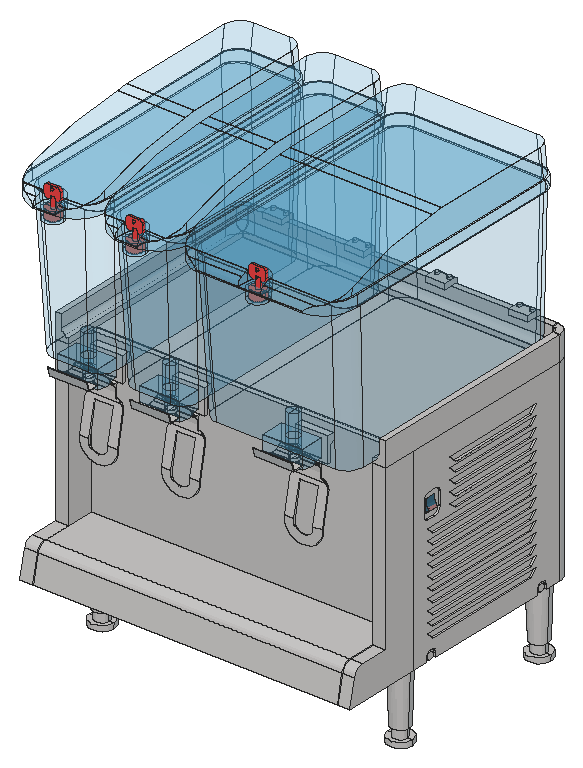
Revit family "QF_ELECTROLUXPROFESSIONAL_600933_ECS3D22", category Specialty Equipment, Revit 2018
Family settings
  Round Connector Dimension = Use Diameter
  Part Type = Normal
  Work Plane-Based = No
  Always vertical = Yes
  Cut with Voids When Loaded = No
  Shared = No
  Room Calculation Point = No
Parameters (values of type "Standard")
  Weight = 32.00 kg
  Watts = 0 W
  Volts = 230 V
  URL Manufacturer = "http://professional.electrolux.com"
  URL = "http://professional.electrolux.com"
  Steam Supply Size = 0 mm
  Steam Supply Minimum Pressure = 0.0 Pa
  Steam Supply Maximum Pressure = 0.0 Pa
  Steam Pounds per Hour = 0
  Refrigeration Suction Line Size = 0 mm
  Refrigeration Liquid Line Size = 0 mm
  Refrigerant Compressor Remote = yes
  Manufacturer = "Electrolux Professional"
  Phase = 1
  Model = "ECS3D22"
  Length Actual = 521.0 mm  # constant formula
  Item Number = "600933"
  Hot Water Size = 0 mm
  Height Actual = 729.0 mm  # constant formula
  HP = "1.3 HP"
  Gas Size = 0 mm
  Gas KW = 0
  Gas Input Pressure = 0 W
  Direct Waste Size = 0 mm
  Description = "COLD BEV DISP. 2x9 LT+1x18 LT-AGITATOR"
  Depth Actual = 451.0 mm  # constant formula
  Cycle = 60 Hz
  Condensate Return Size = 0 mm
  Compressed Air Volume = 0.0 L/s
  Compressed Air Size = 0 mm
  Compressed Air Pressure = 0.0 Pa
  Cold Water Size = 0 mm
  Accessory = yes
Reference planes
  plane 1 "Center (Front/Back)": y = 0
  plane 2 "BASE": z = 0
  plane 3 "Center (Left/Right)": x = 0
  plane 4 "FEET": z = 110
  plane 5 "BACK": y = 212
  plane 6 "LEFT": x = -260
  plane 7 "RIGHT": x = 260
  plane 8 "FeetBack": y = 182
  plane 9 "EI_Front": y = 43
  plane 10 "TopBase": z = 420
  plane 11 "TOP": z = 729
  plane 12 "FRONT": y = -256
  plane 13 "FeetFront": y = -91
  plane 14 "Fillet": y = 192
  plane 15 "EI_Left": x = 234.6
  plane 16 "BaseVasca": z = 420
  plane 17 "Key": y = -238.074
Forms (mm)
  Extrusion 1, solid, material "QF_Finishes_Rubber Black"
    sketch origin (127, -237.264, 237.417) x (-1, 0, 0) y (0, 0, 1)
      loop
        line (-134.813, 85.505) -> (-130.245, 83.471) -> (-130.245, 81.362) -> (-128, 81.362) -> (-128, 101.362) -> (-130.245, 101.362)
        arc (-130.245, 101.362) -> (-131.172, 93.043) -> (-134.813, 85.505) r 24.82
    from 185 to 170
  Extrusion 2, solid, material "QF_Clearances", detail levels coarse
    sketch origin (1888.173, -11.659, 0) x (1, 0, 0) y (0, 1, 0)
      loop
        line (-2148.173, -244.341) -> (-2148.173, 223.659) -> (-1628.173, 223.659) -> (-1628.173, -244.341) -> (-1501.173, -244.341) -> (-1501.173, 373.659) -> (-2275.173, 373.659) -> (-2275.173, -244.341) -> (-2148.173, -244.341)
    from 0 to 729
  Revolve 3, solid, material "QF_Finishes_Stainless Steel"
    sketch origin (127, -91, 0) x (0, 0, 1) y (1, 0, 0)
      loop
        line (0, 127) -> (0, 108) -> (110, 108) -> (110, 125.038) -> (23, 122) -> (23, 119) -> (8, 119) -> (8, 127) -> (0, 127)
      axis (0, 108) -> (110, 108)
    angle from 0 to 360
  Revolve 4, solid, material "QF_Finishes_Stainless Steel"
    sketch origin (-127, -91, 0) x (0, 0, 1) y (1, 0, 0)
      loop
        line (0, -127) -> (8, -127) -> (8, -119) -> (23, -119) -> (23, -122) -> (110, -125.038) -> (110, -108) -> (0, -108) -> (0, -127)
      axis (0, -108) -> (110, -108)
    angle from 0 to 360
  Revolve 5, solid, material "QF_Finishes_Stainless Steel"
    sketch origin (127, 182, 0) x (-1, 0, 0) y (0, 0, 1)
      loop
        line (-127, 0) -> (-108, 0) -> (-108, 110) -> (-125.038, 110) -> (-122, 23) -> (-119, 23) -> (-119, 8) -> (-127, 8) -> (-127, 0)
      axis (-108, 0) -> (-108, 110)
    angle from 0 to 360
  Revolve 6, solid, material "QF_Finishes_Stainless Steel"
    sketch origin (-127, 182, 0) x (-1, 0, 0) y (0, 0, 1)
      loop
        line (127, 0) -> (127, 8) -> (119, 8) -> (119, 23) -> (122, 23) -> (125.038, 110) -> (108, 110) -> (108, 0) -> (127, 0)
      axis (108, 0) -> (108, 110)
    angle from 0 to 360
  Extrusion 7, solid, material "QF_Finishes_Stainless Steel"
    sketch origin (260, 0, 0) x (0, -1, 0) y (0, 0, 1)
      loop
        line (96.764, 110) -> (221, 110) -> (211.598, 151.16)
        arc (211.598, 151.16) -> (205.975, 160.107) -> (196, 163.597) r 16
        line (196, 163.597) -> (151, 163.597) -> (151, 420) -> (96.764, 420) -> (96.764, 110)
    from 20 to 0
  Extrusion 8, solid, material "QF_Finishes_Stainless Steel"
    sketch origin (0, 0, 0) x (0, 1, 0) y (0, 0, 1)
      loop
        line (-96.764, 110) -> (-96.764, 420) -> (-106, 420) -> (-106, 163.597) -> (-196, 163.597)
        arc (-196, 163.597) -> (-205.975, 160.107) -> (-211.598, 151.16) r 16
        line (-211.598, 151.16) -> (-221, 110) -> (-96.764, 110)
    from -240 to 240
  Extrusion 9, solid, material "QF_Finishes_Stainless Steel"
    sketch origin (260, -1000, 0) x (0, -1, 0) y (0, 0, 1)
      loop
        line (-903.236, 110) -> (-903.236, 420) -> (-1192, 420) -> (-1192, 110) -> (-1166, 110) -> (-1166, 115.694)
        arc (-1166, 115.694) -> (-1156, 125.694) -> (-1146, 115.694) r 10
        line (-1146, 115.694) -> (-1146, 110) -> (-948, 110) -> (-948, 115.694)
        arc (-948, 115.694) -> (-938, 125.694) -> (-928, 115.694) r 10
        line (-928, 115.694) -> (-928, 110) -> (-903.236, 110)
      loop
        arc (-923.159, 339.837) -> (-926.088, 346.908) -> (-933.159, 349.837) r 10
        line (-933.159, 349.837) -> (-947.159, 349.837)
        arc (-947.159, 349.837) -> (-954.23, 346.908) -> (-957.159, 339.837) r 10
        line (-957.159, 339.837) -> (-957.159, 319.837)
        arc (-957.159, 319.837) -> (-954.23, 312.766) -> (-947.159, 309.837) r 10
        line (-947.159, 309.837) -> (-933.159, 309.837)
        arc (-933.159, 309.837) -> (-926.088, 312.766) -> (-923.159, 319.837) r 10
        line (-923.159, 319.837) -> (-923.159, 339.837)
      loop
        line (-974.071, 381.364) -> (-1149.071, 381.364) -> (-1137.071, 369.364) -> (-986.071, 369.364) -> (-974.071, 381.364)
      loop
        line (-974.071, 364.864) -> (-1149.071, 364.864) -> (-1137.071, 352.864) -> (-986.071, 352.864) -> (-974.071, 364.864)
      loop
        line (-974.071, 348.364) -> (-1149.071, 348.364) -> (-1137.071, 336.364) -> (-986.071, 336.364) -> (-974.071, 348.364)
      loop
        line (-974.071, 331.864) -> (-1149.071, 331.864) -> (-1137.071, 319.864) -> (-986.071, 319.864) -> (-974.071, 331.864)
      loop
        line (-974.071, 315.364) -> (-1149.071, 315.364) -> (-1137.071, 303.364) -> (-986.071, 303.364) -> (-974.071, 315.364)
      loop
        line (-929.071, 298.864) -> (-1149.071, 298.864) -> (-1137.071, 286.864) -> (-941.071, 286.864) -> (-929.071, 298.864)
      loop
        line (-929.071, 282.364) -> (-1149.071, 282.364) -> (-1137.071, 270.364) -> (-941.071, 270.364) -> (-929.071, 282.364)
      loop
        line (-929.071, 265.864) -> (-1149.071, 265.864) -> (-1137.071, 253.864) -> (-941.071, 253.864) -> (-929.071, 265.864)
      loop
        line (-929.071, 249.364) -> (-1149.071, 249.364) -> (-1137.071, 237.364) -> (-941.071, 237.364) -> (-929.071, 249.364)
      loop
        line (-929.071, 232.864) -> (-1149.071, 232.864) -> (-1137.071, 220.864) -> (-941.071, 220.864) -> (-929.071, 232.864)
      loop
        line (-929.071, 216.364) -> (-1149.071, 216.364) -> (-1137.071, 204.364) -> (-941.071, 204.364) -> (-929.071, 216.364)
      loop
        line (-929.071, 199.864) -> (-1149.071, 199.864) -> (-1137.071, 187.864) -> (-941.071, 187.864) -> (-929.071, 199.864)
      loop
        line (-929.071, 183.364) -> (-1149.071, 183.364) -> (-1137.071, 171.364) -> (-941.071, 171.364) -> (-929.071, 183.364)
      loop
        line (-929.071, 166.864) -> (-1149.071, 166.864) -> (-1137.071, 154.864) -> (-941.071, 154.864) -> (-929.071, 166.864)
      loop
        line (-929.071, 150.364) -> (-1149.071, 150.364) -> (-1137.071, 138.364) -> (-941.071, 138.364) -> (-929.071, 150.364)
    from 5 to 0
  Extrusion 10, solid, material "QF_Finishes_Stainless Steel"
    sketch origin (-260, 0, 0) x (0, 1, 0) y (0, 0, 1)
      loop
        line (-96.764, 110) -> (-96.764, 420) -> (-151, 420) -> (-151, 163.597) -> (-196, 163.597)
        arc (-196, 163.597) -> (-205.975, 160.107) -> (-211.598, 151.16) r 16
        line (-211.598, 151.16) -> (-221, 110) -> (-96.764, 110)
    from 20 to 0
  Extrusion 11, solid, material "QF_Finishes_Stainless Steel"
    sketch origin (-260, 0, 0) x (0, 1, 0) y (0, 0, 1)
      loop
        line (-96.764, 110) -> (-72, 110) -> (-72, 115.694)
        arc (-72, 115.694) -> (-62, 125.694) -> (-52, 115.694) r 10
        line (-52, 115.694) -> (-52, 110) -> (146, 110) -> (146, 115.694)
        arc (146, 115.694) -> (156, 125.694) -> (166, 115.694) r 10
        line (166, 115.694) -> (166, 110) -> (192, 110) -> (192, 420) -> (-96.764, 420) -> (-96.764, 110)
      loop
        line (-70.929, 381.364) -> (-58.929, 369.364) -> (137.071, 369.364) -> (149.071, 381.364) -> (-70.929, 381.364)
      loop
        line (-70.929, 364.864) -> (-58.929, 352.864) -> (137.071, 352.864) -> (149.071, 364.864) -> (-70.929, 364.864)
      loop
        line (-70.929, 348.364) -> (-58.929, 336.364) -> (137.071, 336.364) -> (149.071, 348.364) -> (-70.929, 348.364)
      loop
        line (-70.929, 331.864) -> (-58.929, 319.864) -> (137.071, 319.864) -> (149.071, 331.864) -> (-70.929, 331.864)
      loop
        line (-70.929, 315.364) -> (-58.929, 303.364) -> (137.071, 303.364) -> (149.071, 315.364) -> (-70.929, 315.364)
      loop
        line (-70.929, 298.864) -> (-58.929, 286.864) -> (137.071, 286.864) -> (149.071, 298.864) -> (-70.929, 298.864)
      loop
        line (-70.929, 282.364) -> (-58.929, 270.364) -> (137.071, 270.364) -> (149.071, 282.364) -> (-70.929, 282.364)
      loop
        line (-70.929, 265.864) -> (-58.929, 253.864) -> (137.071, 253.864) -> (149.071, 265.864) -> (-70.929, 265.864)
      loop
        line (-70.929, 249.364) -> (-58.929, 237.364) -> (137.071, 237.364) -> (149.071, 249.364) -> (-70.929, 249.364)
      loop
        line (-70.929, 232.864) -> (-58.929, 220.864) -> (137.071, 220.864) -> (149.071, 232.864) -> (-70.929, 232.864)
      loop
        line (-70.929, 216.364) -> (-58.929, 204.364) -> (137.071, 204.364) -> (149.071, 216.364) -> (-70.929, 216.364)
      loop
        line (-70.929, 199.864) -> (-58.929, 187.864) -> (137.071, 187.864) -> (149.071, 199.864) -> (-70.929, 199.864)
      loop
        line (-70.929, 183.364) -> (-58.929, 171.364) -> (137.071, 171.364) -> (149.071, 183.364) -> (-70.929, 183.364)
      loop
        line (-70.929, 166.864) -> (-58.929, 154.864) -> (137.071, 154.864) -> (149.071, 166.864) -> (-70.929, 166.864)
      loop
        line (-70.929, 150.364) -> (-58.929, 138.364) -> (137.071, 138.364) -> (149.071, 150.364) -> (-70.929, 150.364)
    from 5 to 0
  Extrusion 12, solid, material "QF_Finishes_Stainless Steel"
    sketch origin (0, 0, 0) x (0, 1, 0) y (0, 0, 1)
      loop
        line (-96.764, 110) -> (192, 110) -> (192, 420) -> (-96.764, 420) -> (-96.764, 110)
    from 255 to -255
  Extrusion 13, solid, material "QF_Finishes_Stainless Steel"
    sketch origin (0, 0, 0) x (0, 1, 0) y (0, 0, 1)
      loop
        line (212, 110) -> (212, 420) -> (192, 420) -> (192, 110) -> (212, 110)
    from 240 to -240
  Extrusion 14, solid, material "QF_Finishes_Stainless Steel"
    sketch origin (0, -256, 0) x (-1, 0, 0) y (0, 0, 1)
      loop
        line (-260, 420) -> (-240, 420) -> (-240, 428.026)
        arc (-240, 428.026) -> (-247.802, 431.235) -> (-251.037, 439.026) r 11
        line (-251.037, 439.026) -> (-251.037, 458.026) -> (-260, 458.026) -> (-260, 420)
      loop
        line (260, 420) -> (260, 458.026) -> (251.037, 458.026) -> (251.037, 439.026)
        arc (251.037, 439.026) -> (247.802, 431.235) -> (240, 428.026) r 11
        line (240, 428.026) -> (240, 420) -> (260, 420)
    from 448 to 105
  Extrusion 15, solid, material "QF_Finishes_Stainless Steel"
    sketch origin (0, 0, 0) x (0, 1, 0) y (0, 0, 1)
      loop
        line (212, 420) -> (212, 458.026) -> (203.037, 458.026) -> (203.037, 439.026)
        arc (203.037, 439.026) -> (199.802, 431.235) -> (192, 428.026) r 11
        line (192, 428.026) -> (192, 420) -> (212, 420)
    from 240 to -240
  Revolve 16, solid, material "QF_Finishes_Stainless Steel"
    sketch origin (127, 192, 0) x (-1, 0, 0) y (0, 0, 1)
      loop
        line (-113, 420) -> (-113, 428.026)
        arc (-113, 428.026) -> (-120.802, 431.235) -> (-124.037, 439.026) r 11
        line (-124.037, 439.026) -> (-124.037, 458.026) -> (-133, 458.026) -> (-133, 420) -> (-113, 420)
      axis (-113, 420) -> (-113, 458.026)
    angle from 0 to -90
  Revolve 17, solid, material "QF_Finishes_Stainless Steel"
    sketch origin (-127, 192, 0) x (1, 0, 0) y (0, 0, 1)
      loop
        line (-113, 420) -> (-113, 428.026)
        arc (-113, 428.026) -> (-120.802, 431.235) -> (-124.037, 439.026) r 11
        line (-124.037, 439.026) -> (-124.037, 458.026) -> (-133, 458.026) -> (-133, 420) -> (-113, 420)
      axis (-113, 420) -> (-113, 458.026)
    angle from 0 to -90
  Extrusion 18, solid, material "QF_Finishes_Stainless Steel"
    sketch origin (0, 0, 110) x (-1, 0, 0) y (0, -1, 0)
      loop
        line (240, -192) -> (240, -212)
        arc (240, -212) -> (254.142, -206.142) -> (260, -192) r 20
        line (260, -192) -> (240, -192)
      loop
        arc (-260, -192) -> (-254.142, -206.142) -> (-240, -212) r 20
        line (-240, -212) -> (-240, -192) -> (-260, -192)
    from 0 to 310
  Extrusion 19, solid, material "QF_Finishes_Stainless Steel"
    sketch origin (260, 0, 0) x (0, -1, 0) y (0, 0, 1)
      loop
        circle (62, 115.694) r 5
      loop
        circle (-156, 115.694) r 5
    from 1 to 5
  Extrusion 20, solid, material "QF_Finishes_Stainless Steel"
    sketch origin (-260, 0, 0) x (0, 1, 0) y (0, 0, 1)
      loop
        circle (-62, 115.694) r 5
      loop
        circle (156, 115.694) r 5
    from 1 to 5
  Extrusion 21, solid, material "QF_Finishes_Stainless Steel"
    sketch origin (126.6, 43, 110) x (-1, 0, 0) y (0, -1, 0)
      loop
        circle (-108, 0) r 10
    from 0 to -10
Lines and regions (mm)
  symbolic lines
    curve 1: arc (-240, 212, 420) -> (-254.142, 206.142, 420) -> (-260, 192, 420) r 20
    curve 2: line (240, 212, 420) -> (209.263, 212, 420)
    curve 3: arc (240, 212, 420) -> (254.142, 206.142, 420) -> (260, 192, 420) r 20
    curve 4: line (-260, 192, 420) -> (-260, -221, 420)
    curve 5: line (260, -221, 420) -> (260, 192, 420)
    curve 6: line (240, 203.037, 420) -> (209.263, 203.037, 420)
    curve 7: arc (-240, 203.037, 420) -> (-247.805, 199.805, 420) -> (-251.037, 192, 420) r 11.037
    curve 8: arc (240, 203.037, 420) -> (247.805, 199.805, 420) -> (251.037, 192, 420) r 11.037
    curve 9: line (-251.037, 192, 420) -> (-251.037, 181.842, 420)
    curve 10: line (251.037, 184.444, 420) -> (251.037, 192, 420)
    curve 11: line (-255.263, -151, 420) -> (-260, -151, 420)
    curve 12: line (-260, -221, 420) -> (-251.837, -221, 420)
    curve 13: line (-6.579, -221, 420) -> (4.809, -221, 420)
    curve 14: line (260, -221, 420) -> (253.717, -221, 420)
    curve 15: line (260, -151, 420) -> (257.131, -151, 420)
    curve 16: line (-208.894, 203.037, 420) -> (-240, 203.037, 420)
    curve 17: line (49.263, 203.037, 420) -> (-49.631, 203.037, 420)
    curve 18: line (49.263, 212, 420) -> (-49.631, 212, 420)
    curve 19: line (-208.894, 212, 420) -> (-240, 212, 420)
    curve 20: line (179.263, 212, 420) -> (79.263, 212, 420)
    curve 21: line (179.263, 203.037, 420) -> (79.263, 203.037, 420)
    curve 22: line (-79.631, 203.037, 420) -> (-178.894, 203.037, 420)
    curve 23: line (-79.631, 212, 420) -> (-178.894, 212, 420)
    curve 24: line (-135.951, -221, 420) -> (-122.574, -221, 420)
Dimensions and locks
  plane 4 "FEET" to level = 110.0 mm
  plane 6 "LEFT" to plane 3 "Center (Left/Right)" to plane 7 "RIGHT" = 260.0 mm, 260.0 mm
  plane 6 "LEFT" to plane 7 "RIGHT" = 520.0 mm
  plane 5 "BACK" to plane 8 "FeetBack" = 30.0 mm
  plane 7 "RIGHT" to plane 6 "LEFT" = 520.0 mm
  plane 5 "BACK" to plane 12 "FRONT" = 468.0 mm
  plane 11 "TOP" to level = 729.0 mm
  plane 9 "EI_Front" to plane 5 "BACK" = 169.0 mm
  plane 10 "TopBase" to level = 420.0 mm
  plane 15 "EI_Left" to plane 7 "RIGHT" = 25.4 mm
  plane 5 "BACK" to plane 9 "EI_Front" = 169.0 mm
  aligned and locked: level to plane 2 "BASE"
Nested families
  nested 1: "CS2-V1" at (-64.631, 0.03, 0), type "CS2-V1"
  nested 2: "CS2-V1" at (-193.894, 0.03, 0), type "CS2-V1"
  nested 3: "CS1-V2" at (129.263, 0, 0), type "CS1-V2"
Connectors
  electrical at (234.6, 43, 100), driven by "Volts"
    settings: on Extrusion 21, index 1, voltage 230 V, apparent load 0 VA, apparent load phase1 0 VA, apparent load phase2 0 VA, apparent load phase3 0 VA, power factor 1, load classification "Other", number of poles 1, system type 30, power factor state 1, is connector primary yes, connector utility no, sub classification motor no, connector description "Electrical Connection"
Definition of nested family "CS2-V1"
  Parameters (values of type "CS2-V1")
    Weight = 48.00 kg
    Watts = 71.5353 W
    Volts = 230 V
    URL Manufacturer = "http://professional.electrolux.com"
    URL = "http://professional.electrolux.com"
    Steam Supply Size = 0 mm
    Steam Supply Minimum Pressure = 0.0 Pa
    Steam Supply Maximum Pressure = 0.0 Pa
    Steam Pounds per Hour = 0
    Refrigeration Suction Line Size = 0 mm
    Refrigeration Liquid Line Size = 0 mm
    Refrigerant Compressor Remote = yes
    Manufacturer = "Electrolux"
    Phase = 1
    Model = "SP2ITNK"
    Length Actual = 447.0 mm  # constant formula
    Item Number = "560013"
    Hot Water Size = 0 mm
    Height Actual = 612.0 mm  # constant formula
    HP = "1 HP"
    Gas Size = 0 mm
    Gas KW = 0
    Gas Input Pressure = 0 W
    Description = "2X5 LT BOWL - FROZEN GRANITA AND FROZEN CREAM DISPENSER - 2 INSULATED BOWLS - WHITE"
    Depth Actual = 438.0 mm  # constant formula
    Cycle = 50 Hz
    Condensate Return Size = 0 mm
    Compressed Air Volume = 0.0 L/s
    Compressed Air Size = 0 mm
    Compressed Air Pressure = 0.0 Pa
    Cold Water Size = 0 mm
    Accessory = yes
  Reference planes
    plane 1 "Center (Front/Back)": y = 0
    plane 2 "BASE": z = 0
    plane 3 "Center (Left/Right)": x = 0
    plane 4 "FEET": z = 110
    plane 5 "BACK": y = 212
    plane 6 "LEFT": x = -66.5
    plane 7 "RIGHT": x = 66.5
    plane 8 "TopBase": z = 420
    plane 9 "TOP": z = 729
    plane 10 "FRONT": y = -256
    plane 11 "Fillet": y = 192
    plane 12 "BaseVasca": z = 420
    plane 13 "Key": y = -238.074
    plane 14: y = -168.455
  Forms (mm)
    Blend 1, solid
      base sketch origin (64.522, 0, 420) x (0, -1, 0) y (1, 0, 0)
        loop
          arc (178, -116.522) -> (195.678, -109.199) -> (203, -91.522) r 25
          line (203, -91.522) -> (203, -37.522)
          arc (203, -37.522) -> (195.678, -19.844) -> (178, -12.522) r 25
          line (178, -12.522) -> (-167, -12.522)
          arc (-167, -12.522) -> (-184.678, -19.844) -> (-192, -37.522) r 25
          line (-192, -37.522) -> (-192, -91.522)
          arc (-192, -91.522) -> (-184.678, -109.199) -> (-167, -116.522) r 25
          line (-167, -116.522) -> (178, -116.522)
      top sketch origin (64.522, 0, 420) x (0, -1, 0) y (1, 0, 0)
        loop
          arc (-192, -98.022) -> (-184.678, -115.699) -> (-167, -123.022) r 25
          line (-167, -123.022) -> (193, -123.022)
          arc (193, -123.022) -> (210.678, -115.699) -> (218, -98.022) r 25
          line (218, -98.022) -> (218, -31.022)
          arc (218, -31.022) -> (210.678, -13.344) -> (193, -6.022) r 25
          line (193, -6.022) -> (-167, -6.022)
          arc (-167, -6.022) -> (-184.678, -13.344) -> (-192, -31.022) r 25
          line (-192, -31.022) -> (-192, -98.022)
      from 8 to 247
    Blend 2, solid
      base sketch origin (133, 0, 420) x (0, -1, 0) y (1, 0, 0)
        loop
          arc (-192, -166.706) -> (-184.678, -184.383) -> (-167, -191.706) r 25
          line (-167, -191.706) -> (210.038, -191.706)
          arc (210.038, -191.706) -> (240.444, -179.111) -> (253.038, -148.706) r 43
          line (253.038, -148.706) -> (253.038, -117.706)
          arc (253.038, -117.706) -> (240.444, -87.3) -> (210.038, -74.706) r 43
          line (210.038, -74.706) -> (-167, -74.706)
          arc (-167, -74.706) -> (-184.678, -82.028) -> (-192, -99.706) r 25
          line (-192, -99.706) -> (-192, -166.706)
      top sketch origin (133, 0, 420) x (0, -1, 0) y (1, 0, 0)
        loop
          arc (-192, -161.5) -> (-184.678, -179.178) -> (-167, -186.5) r 25
          line (-167, -186.5) -> (200.138, -186.5)
          arc (200.138, -186.5) -> (235.494, -171.855) -> (250.138, -136.5) r 50
          line (250.138, -136.5) -> (250.138, -129.5)
          arc (250.138, -129.5) -> (235.494, -94.145) -> (200.138, -79.5) r 50
          line (200.138, -79.5) -> (-167, -79.5)
          arc (-167, -79.5) -> (-184.678, -86.822) -> (-192, -104.5) r 25
          line (-192, -104.5) -> (-192, -161.5)
      from 265.34 to 309
    Extrusion 3, solid
      sketch origin (64.522, 0, 420) x (0, -1, 0) y (1, 0, 0)
        loop
          line (256, -82.29) -> (256, -46.753)
          arc (256, -46.753) -> (236.607, -15.408) -> (201.845, -3.153) r 55.433
          line (201.845, -3.153) -> (-168.323, -3.153)
          arc (-168.323, -3.153) -> (-187.191, -11.767) -> (-194.9, -31.022) r 27.9
          line (-194.9, -31.022) -> (-194.9, -98.022)
          arc (-194.9, -98.022) -> (-187.191, -117.277) -> (-168.323, -125.89) r 27.9
          line (-168.323, -125.89) -> (201.845, -125.89)
          arc (201.845, -125.89) -> (236.607, -113.636) -> (256, -82.29) r 55.433
      from 265.34 to 247
    Extrusion 4, void
      sketch origin (108, 0, 0) x (0, 1, 0) y (0, 0, 1)
        loop
          line (-26.39, 729) -> (-26.39, 734) -> (-256, 734) -> (-256, 669.303) -> (-254.726, 672.803)
          arc (-254.726, 672.803) -> (-252.106, 677.514) -> (-248.147, 681.172) r 17.063
          arc (-248.147, 681.172) -> (-148.754, 713.466) -> (-45.263, 728.011) r 599.546
          line (-45.263, 728.011) -> (-26.39, 729)
      from -174.5 to -41.5
    Extrusion 5, void
      sketch origin (0, 0, 0) x (0, 1, 0) y (0, 0, 1)
        loop
          arc (-249.651, 680.531) -> (-239.286, 684.849) -> (-228.842, 688.973) r 599.546
          line (-228.842, 688.973) -> (-262.493, 688.973) -> (-262.493, 670.038) -> (-256, 670.038)
          arc (-256, 670.038) -> (-254.289, 676.17) -> (-249.651, 680.531) r 11.845
      from -66.5 to 66.5
    Extrusion 6, void
      sketch origin (0, 0, 420) x (0, -1, 0) y (1, 0, 0)
        loop
          line (238.074, -17.633) -> (256, -17.633) -> (256, 17.633) -> (238.074, 17.633)
          arc (238.074, 17.633) -> (220.441, 0) -> (238.074, -17.633) r 17.633
      from 249.303 to 265.34
    Extrusion 7, void
      sketch origin (64.522, 0, 420) x (0, -1, 0) y (1, 0, 0)
        loop
          circle (238.074, -64.522) r 12
      from 233.373 to 247
    Extrusion 8, solid
      sketch origin (64.522, 0, 420) x (0, -1, 0) y (1, 0, 0)
        loop
          circle (238.074, -64.522) r 15.757
      from 230.564 to 247
    Revolve 9, solid
      sketch origin (64.522, -238.074, 0) x (-1, 0, 0) y (0, 0, 1)
        loop
          line (64.522, 683.398) -> (61.099, 683.398) -> (61.099, 667) -> (52.522, 667) -> (52.522, 653.373) -> (64.522, 653.373) -> (64.522, 683.398)
        axis (64.522, 653.373) -> (64.522, 683.398)
      angle from 0 to 360
    Extrusion 10, solid
      sketch origin (64.522, -238.074, 0) x (-1, 0, 0) y (0, 0, 1)
        loop
          line (62.099, 683.398) -> (66.944, 683.398) -> (66.944, 678.398) -> (71.849, 678.398)
          arc (71.849, 678.398) -> (76.091, 680.156) -> (77.849, 684.398) r 6
          line (77.849, 684.398) -> (77.849, 692.398)
          arc (77.849, 692.398) -> (76.091, 696.641) -> (71.849, 698.398) r 6
          line (71.849, 698.398) -> (57.195, 698.398)
          arc (57.195, 698.398) -> (52.952, 696.641) -> (51.195, 692.398) r 6
          line (51.195, 692.398) -> (51.195, 684.398)
          arc (51.195, 684.398) -> (52.952, 680.156) -> (57.195, 678.398) r 6
          line (57.195, 678.398) -> (62.099, 678.398) -> (62.099, 683.398)
        loop
          circle (64.522, 693.106) r 3
      from -2 to 2
    Extrusion 11, solid
      sketch origin (0, 0, 0) x (0, 1, 0) y (0, 0, 1)
        loop
          line (-190.5, 428) -> (-190.5, 398) -> (-174.107, 395.109) -> (-164.107, 395.109) -> (-159.607, 399.609) -> (-153.116, 399.609) -> (-153.116, 428) -> (-190.5, 428)
      from -31.045 to 31
    Revolve 12, void
      sketch origin (0, 0, 0) x (0, 1, 0) y (0, 0, 1)
        loop
          line (-168.455, 463.265) -> (-178.327, 463.265) -> (-178.327, 410.984) -> (-175.351, 410.984) -> (-175.351, 398) -> (-174.149, 398) -> (-174.149, 388) -> (-168.455, 388) -> (-168.455, 463.265)
        axis (-168.455, 388) -> (-168.455, 463.265)
      angle from 0 to 360
    Revolve 13, solid
      sketch origin (0, 0, 0) x (0, 1, 0) y (0, 0, 1)
        loop
          line (-168.455, 385.109) -> (-163.455, 385.109) -> (-163.455, 395.109) -> (-161.56, 395.109) -> (-161.56, 398) -> (-168.455, 398) -> (-168.455, 385.109)
        axis (-168.455, 398) -> (-168.455, 385.109)
      angle from 0 to 360
    Extrusion 14, solid
      sketch origin (0, 0, 0) x (0, 1, 0) y (0, 0, 1)
        loop
          line (-211.42, 417.932) -> (-207.338, 404.58) -> (-190.5, 404.58) -> (-190.5, 405.58) -> (-206.598, 405.58) -> (-210.464, 418.224) -> (-211.42, 417.932)
      from -31.045 to 31
    Extrusion 15, solid
      sketch origin (0, 0, 0) x (0, 1, 0) y (0, 0, 1)
        loop
          line (-149.25, 259.609) -> (-148.25, 259.609) -> (-148.25, 296.088) -> (-136.39, 354.802)
          arc (-136.39, 354.802) -> (-135.207, 366.291) -> (-136.255, 377.793) r 59.784
          line (-136.255, 377.793) -> (-131.876, 379.387) -> (-129.145, 379.387) -> (-129.145, 380.887) -> (-132.141, 380.887) -> (-136.557, 379.279) -> (-139.722, 379.279) -> (-156.78, 399.609) -> (-158.086, 399.609) -> (-140.188, 378.279) -> (-137.37, 378.279)
          arc (-137.37, 378.279) -> (-136.206, 366.64) -> (-137.37, 355) r 58.784
          line (-137.37, 355) -> (-149.25, 296.188) -> (-149.25, 259.609)
      from -30 to 30
    Extrusion 16, void
      sketch origin (0, -238.074, 0) x (-1, 0, 0) y (0, 0, 1)
        loop
          line (15, 348.279) -> (-15, 348.279) -> (-15, 288.279)
          arc (-15, 288.279) -> (0, 279.279) -> (15, 288.279) r 17
          line (15, 288.279) -> (15, 348.279)
        loop
          arc (30, 288.469) -> (0, 265.279) -> (-30, 288.469) r 31
          line (-30, 288.469) -> (-30, 344.632)
          arc (-30, 344.632) -> (-26.112, 354.705) -> (-16.464, 359.553) r 14.993
          line (-16.464, 359.553) -> (-16.464, 399.609) -> (-36.464, 399.609) -> (-36.464, 259.609) -> (36.464, 259.609) -> (36.464, 399.609) -> (16.464, 399.609) -> (16.464, 359.553)
          arc (16.464, 359.553) -> (26.112, 354.705) -> (30, 344.632) r 14.993
          line (30, 344.632) -> (30, 288.469)
      from 79.263 to 108.929
    Extrusion 17, solid
      sketch origin (0, 0, 0) x (0, 1, 0) y (0, 0, 1)
        loop
          line (-133.507, 380.887) -> (-129.145, 380.887) -> (-129.145, 406.439) -> (-121.488, 410.009) -> (-121.488, 420.078) -> (-133.507, 420.078) -> (-133.507, 380.887)
      from -25 to 24.963
    Extrusion 18, solid
      sketch origin (0, 0, 0) x (0, 1, 0) y (0, 0, 1)
        loop
          line (192, 458) -> (212, 458) -> (212, 447.335) -> (215, 447.335) -> (215, 462.335)
          arc (215, 462.335) -> (213.865, 465.076) -> (211.123, 466.212) r 3.877
          line (211.123, 466.212) -> (192, 466.212) -> (192, 458)
      from 15 to -15
    Extrusion 19, solid
      sketch origin (0, 0, 420) x (0, -1, 0) y (1, 0, 0)
        loop
          circle (-207, -10) r 3
        loop
          circle (-207, 10) r 3
      from 46.212 to 48.2
  Cuts and joins
    Extrusion 4, Extrusion 6 cuts Blend 2
    Extrusion 5, Extrusion 6, Extrusion 7 cuts Extrusion 3
    Extrusion 7, Revolve 12 cuts Blend 1
    Extrusion 7 cuts Extrusion 8
    Revolve 12, Extrusion 16 cuts Extrusion 11
    Extrusion 16 cuts Extrusion 15
  Lines and regions (mm)
    symbolic lines
      curve 1: arc (-28.5, 192, 420) -> (-46.178, 184.678, 420) -> (-53.5, 167, 420) r 25
      curve 2: arc (-58.706, 167, 420) -> (-51.383, 184.678, 420) -> (-33.706, 192, 420) r 25
      curve 3: arc (-33.5, 194.9, 420) -> (-52.755, 187.191, 420) -> (-61.369, 168.323, 420) r 27.9
      curve 4: line (-33.5, 194.9, 420) -> (33.5, 194.9, 420)
      curve 5: arc (61.369, 168.323, 420) -> (52.755, 187.191, 420) -> (33.5, 194.9, 420) r 27.9
      curve 6: arc (33.294, 192, 420) -> (50.972, 184.678, 420) -> (58.294, 167, 420) r 25
      curve 7: arc (53.5, 167, 420) -> (46.178, 184.678, 420) -> (28.5, 192, 420) r 25
      curve 8: line (33.294, 192, 420) -> (-33.706, 192, 420)
      curve 9: line (-61.369, -201.845, 420) -> (-61.369, 168.323, 420)
      curve 10: line (-58.706, -210.038, 420) -> (-58.706, 167, 420)
      curve 11: line (-53.5, 167, 420) -> (-53.5, -26.39, 420)
      curve 12: line (53.5, -26.39, 420) -> (53.5, 167, 420)
      curve 13: line (58.294, 167, 420) -> (58.294, -210.038, 420)
      curve 14: line (61.369, 168.323, 420) -> (61.369, -201.845, 420)
      curve 15: line (-53.5, -26.39, 420) -> (53.5, -26.39, 420)
      curve 16: arc (-61.369, -201.845, 420) -> (-49.07, -236.662, 420) -> (-17.633, -256.03, 420) r 55.433
      curve 17: arc (-48.4, -237.968, 420) -> (-56.047, -224.923, 420) -> (-58.706, -210.038, 420) r 43
      curve 18: spline (-57.335, -207.457, 420) -> (-57.408, -210.163, 420) -> (-57.328, -212.865, 420) -> (-57.096, -215.554, 420) -> (-56.712, -218.224, 420) -> (-56.178, -220.866, 420) -> (-55.494, -223.473, 420) -> (-54.663, -226.037, 420) -> (-53.688, -228.551, 420) -> (-52.57, -231.008, 420) -> (-51.314, -233.401, 420) -> (-49.923, -235.723, 420) -> (-48.4, -237.968, 420)
      curve 19: arc (17.633, -256.03, 420) -> (49.07, -236.662, 420) -> (61.369, -201.845, 420) r 55.433
      curve 20: arc (58.294, -210.038, 420) -> (55.636, -224.923, 420) -> (47.989, -237.968, 420) r 43
      curve 21: spline (47.989, -237.968, 420) -> (49.521, -235.721, 420) -> (50.921, -233.396, 420) -> (52.187, -231.001, 420) -> (53.314, -228.543, 420) -> (54.298, -226.028, 420) -> (55.138, -223.463, 420) -> (55.831, -220.857, 420) -> (56.374, -218.216, 420) -> (56.767, -215.547, 420) -> (57.008, -212.86, 420) -> (57.096, -210.16, 420) -> (57.032, -207.457, 420)
      curve 22: line (58.294, 167, 420) -> (58.294, -210.038, 420)
      curve 23: line (-17.633, -256.03, 420) -> (-17.633, -238.074, 420)
      curve 24: line (13.327, -240.074, 420) -> (-13.327, -240.074, 420)
      curve 25: line (-13.327, -236.074, 420) -> (13.327, -236.074, 420)
      curve 26: line (17.633, -238.074, 420) -> (17.633, -256.03, 420)
      curve 27: line (17.769, -256, 420) -> (-17.769, -256, 420)
      curve 28: arc (2.777, -240.074, 420) -> (0, -241.496, 420) -> (-2.777, -240.074, 420) r 3.422
      curve 29: line (-53.5, -26.39, 420) -> (-57.335, -207.457, 420)
      curve 30: line (53.5, -26.39, 420) -> (57.032, -207.457, 420)
      curve 31: arc (17.633, -238.074, 420) -> (0, -220.441, 420) -> (-17.633, -238.074, 420) r 17.633
      curve 32: line (13.327, -240.074, 420) -> (13.327, -236.074, 420)
      curve 33: line (-13.327, -240.074, 420) -> (-13.327, -236.074, 420)
      curve 34: arc (-11.832, -236.074, 420) -> (0, -226.074, 420) -> (11.832, -236.074, 420) r 12
      curve 35: arc (11.832, -240.074, 420) -> (0, -250.074, 420) -> (-11.832, -240.074, 420) r 12
      curve 36: circle (0, -238.074, 420) r 15.757 normal (0, 0, -1)
      curve 37: arc (-2.777, -236.074, 420) -> (0, -234.652, 420) -> (2.777, -236.074, 420) r 3.422
      curve 38: line (-15, 194.9, 420) -> (-15, 215, 420)
      curve 39: line (-15, 215, 420) -> (15, 215, 420)
      curve 40: line (15, 215, 420) -> (15, 194.9, 420)
      curve 41: circle (-10, 207, 420) r 3 normal (0, 0, -1)
      curve 42: circle (10, 207, 420) r 3 normal (0, 0, 1)
  Dimensions and locks
    plane 4 "FEET" to level = 110.0 mm
    equal spacing: plane 6 "LEFT", plane 3 "Center (Left/Right)", plane 7 "RIGHT"
    plane 5 "BACK" to plane 1 "Center (Front/Back)" = 212.0 mm
    plane 6 "LEFT" to plane 7 "RIGHT" = 133.0 mm
    plane 7 "RIGHT" to plane 6 "LEFT" = 133.0 mm
    plane 5 "BACK" to plane 10 "FRONT" = 468.0 mm
    plane 9 "TOP" to level = 729.0 mm
    plane 8 "TopBase" to level = 420.0 mm
    radius of Extrusion 7 sketch curve = 12.0 mm
    aligned and locked: level to plane 2 "BASE"
  Automatic sketch dimensions
    Blend 1 sketch curve to plane 11 "Fillet" = 0.0 mm  (x2)
    Blend 1 sketch curve to Blend 1 sketch curve = 25.0 mm  (x3)
    plane 14 to Blend 1 sketch curve = 9.545 mm  (x2)
    plane 6 "LEFT" to Blend 1 sketch curve = 14.5 mm
    plane 3 "Center (Left/Right)" to Blend 1 sketch curve = 27.0 mm
    plane 7 "RIGHT" to Blend 1 sketch curve = 8.0 mm
    Blend 1 sketch curve to plane 11 "Fillet" = 25.0 mm  (x2)
    plane 6 "LEFT" to Blend 1 sketch curve = 8.0 mm
    plane 14 to Blend 1 sketch curve = 24.545 mm  (x2)
    plane 13 "Key" to Blend 1 sketch curve = 20.074 mm
    Extrusion 3 sketch curve to plane 10 "FRONT" = 0.0 mm
    Extrusion 3 sketch curve to plane 3 "Center (Left/Right)" = 5.936 mm
    plane 14 to Extrusion 3 sketch curve = 33.389 mm
    plane 3 "Center (Left/Right)" to Extrusion 3 sketch curve = 5.936 mm
    Extrusion 3 sketch curve to Extrusion 3 sketch curve = 0.0 mm
    Extrusion 3 sketch curve to plane 11 "Fillet" = 25.0 mm  (x2)
    Extrusion 3 sketch curve to plane 11 "Fillet" = 23.677 mm  (x2)
    plane 11 "Fillet" to Extrusion 3 sketch curve = 2.9 mm
    Extrusion 3 sketch curve to plane 3 "Center (Left/Right)" = 17.769 mm
    plane 3 "Center (Left/Right)" to Extrusion 3 sketch curve = 17.769 mm
    Extrusion 4 sketch curve to plane 10 "FRONT" = 0.0 mm
    plane 9 "TOP" to Extrusion 4 sketch curve = 0.0 mm
    plane 10 "FRONT" to Extrusion 4 sketch curve = 1.274 mm
    Extrusion 4 sketch curve to plane 13 "Key" = 0.619 mm
    plane 9 "TOP" to Extrusion 4 sketch curve = 0.989 mm
    plane 1 "Center (Front/Back)" to Extrusion 4 sketch curve = 45.263 mm
    Extrusion 4 sketch curve to Extrusion 4 sketch curve = 18.873 mm
    plane 1 "Center (Front/Back)" to Extrusion 4 sketch curve = 13.885 mm
    plane 9 "TOP" to Extrusion 4 sketch curve = 56.197 mm
    Extrusion 4 sketch curve to Extrusion 4 sketch curve = 3.5 mm
    Extrusion 4 sketch curve to Extrusion 4 sketch curve = 5.836 mm
    plane 4 "FEET" to Extrusion 4 sketch curve = 19.287 mm
    Extrusion 4 sketch curve to plane 9 "TOP" = 5.0 mm
    Extrusion 5 sketch curve to plane 10 "FRONT" = 0.0 mm
    Extrusion 5 sketch curve to plane 10 "FRONT" = 6.493 mm
    Extrusion 5 sketch curve to plane 13 "Key" = 6.081 mm
    plane 13 "Key" to Extrusion 5 sketch curve = 9.232 mm
    plane 1 "Center (Front/Back)" to Extrusion 5 sketch curve = 13.885 mm
    plane 4 "FEET" to Extrusion 5 sketch curve = 19.287 mm
    plane 9 "TOP" to Extrusion 5 sketch curve = 58.962 mm
    Extrusion 5 sketch curve to Extrusion 5 sketch curve = 18.935 mm
    Extrusion 6 sketch curve to plane 3 "Center (Left/Right)" = 0.0 mm
    Extrusion 6 sketch curve to plane 13 "Key" = 0.0 mm
    Extrusion 6 sketch curve to plane 10 "FRONT" = 0.0 mm
    Extrusion 6 sketch curve to plane 3 "Center (Left/Right)" = 17.633 mm
    Extrusion 7 sketch curve to plane 3 "Center (Left/Right)" = 0.0 mm
    Extrusion 7 sketch curve to plane 13 "Key" = 0.0 mm
    Extrusion 8 sketch curve to plane 3 "Center (Left/Right)" = 0.0 mm
    Extrusion 8 sketch curve to plane 13 "Key" = 0.0 mm
    Revolve 9 sketch curve to plane 3 "Center (Left/Right)" = 0.0 mm  (x2)
    Revolve 9 sketch curve to Revolve 9 sketch curve = 3.422 mm
    Revolve 9 sketch curve to Revolve 9 sketch curve = 12.0 mm
    plane 9 "TOP" to Revolve 9 sketch curve = 75.627 mm
    Revolve 9 sketch curve to Revolve 9 sketch curve = 13.627 mm
    Revolve 9 sketch curve to Revolve 9 sketch curve = 16.398 mm
    Revolve 9 sketch curve to Revolve 9 sketch curve = 2.303 mm
    plane 9 "TOP" to Revolve 9 sketch curve = 22.746 mm
    Extrusion 10 sketch curve to plane 3 "Center (Left/Right)" = 0.0 mm
    plane 3 "Center (Left/Right)" to Extrusion 10 sketch curve = 2.422 mm
    plane 3 "Center (Left/Right)" to Extrusion 10 sketch curve = 7.327 mm
    Extrusion 10 sketch curve to Extrusion 10 sketch curve = 4.905 mm  (x2)
    Extrusion 10 sketch curve to Extrusion 10 sketch curve = 6.0 mm  (x2)
    Extrusion 10 sketch curve to plane 3 "Center (Left/Right)" = 2.422 mm
    Extrusion 10 sketch curve to plane 3 "Center (Left/Right)" = 7.327 mm
    plane 9 "TOP" to Extrusion 10 sketch curve = 50.602 mm
    Extrusion 10 sketch curve to Extrusion 10 sketch curve = 0.0 mm
    Extrusion 10 sketch curve to Extrusion 10 sketch curve = 5.0 mm
    Extrusion 10 sketch curve to Extrusion 10 sketch curve = 8.0 mm
    Extrusion 10 sketch curve to Extrusion 10 sketch curve = 0.707 mm
    plane 8 "TopBase" to Extrusion 11 sketch curve = 8.0 mm
    plane 14 to Extrusion 11 sketch curve = 22.045 mm
    plane 14 to Extrusion 11 sketch curve = 5.651 mm
    Extrusion 11 sketch curve to plane 14 = 4.349 mm
    Extrusion 11 sketch curve to Extrusion 11 sketch curve = 4.499 mm  (x2)
    Extrusion 11 sketch curve to plane 14 = 15.339 mm
    Extrusion 11 sketch curve to plane 8 "TopBase" = 20.391 mm
    Extrusion 11 sketch curve to plane 8 "TopBase" = 22.0 mm
    Revolve 12 sketch curve to plane 14 = 0.0 mm  (x2)
    plane 14 to Revolve 12 sketch curve = 5.694 mm
    plane 14 to Revolve 12 sketch curve = 6.896 mm
    Revolve 12 sketch curve to Revolve 12 sketch curve = 9.871 mm
    Revolve 12 sketch curve to plane 8 "TopBase" = 32.0 mm
    Revolve 12 sketch curve to Revolve 12 sketch curve = 10.0 mm
    Revolve 12 sketch curve to plane 8 "TopBase" = 9.016 mm
    plane 8 "TopBase" to Revolve 12 sketch curve = 43.265 mm
    Revolve 12 sketch curve to Revolve 12 sketch curve = 0.0 mm
    Revolve 12 sketch curve to Revolve 12 sketch curve = 20.0 mm
    Revolve 13 sketch curve to plane 14 = 0.0 mm  (x2)
    Revolve 13 sketch curve to plane 14 = 5.0 mm
    Revolve 13 sketch curve to Revolve 13 sketch curve = 1.896 mm
    Revolve 13 sketch curve to plane 8 "TopBase" = 34.891 mm
    Revolve 13 sketch curve to Revolve 13 sketch curve = 10.0 mm
    Revolve 13 sketch curve to Revolve 13 sketch curve = 2.891 mm
    Revolve 13 sketch curve to Revolve 13 sketch curve = 7.275 mm
    Revolve 13 sketch curve to plane 8 "TopBase" = 9.016 mm
    Extrusion 14 sketch curve to plane 8 "TopBase" = 2.068 mm
    plane 13 "Key" to Extrusion 14 sketch curve = 26.654 mm
    Extrusion 14 sketch curve to plane 8 "TopBase" = 1.776 mm
    Extrusion 14 sketch curve to Extrusion 14 sketch curve = 0.956 mm
    Extrusion 14 sketch curve to Extrusion 14 sketch curve = 4.082 mm
    Extrusion 14 sketch curve to Extrusion 14 sketch curve = 0.74 mm
    Extrusion 14 sketch curve to Extrusion 14 sketch curve = 16.098 mm
    Extrusion 15 sketch curve to Extrusion 15 sketch curve = 0.0 mm  (x3)
    plane 14 to Extrusion 15 sketch curve = 26.535 mm
    Extrusion 15 sketch curve to plane 14 = 10.37 mm
    Extrusion 15 sketch curve to Extrusion 15 sketch curve = 1.305 mm
    Extrusion 15 sketch curve to plane 14 = 19.205 mm
    Extrusion 15 sketch curve to Extrusion 15 sketch curve = 1.0 mm  (x2)
    Extrusion 15 sketch curve to Extrusion 15 sketch curve = 16.592 mm
    Extrusion 15 sketch curve to Extrusion 15 sketch curve = 0.466 mm
    Extrusion 15 sketch curve to Extrusion 15 sketch curve = 2.352 mm
    Extrusion 15 sketch curve to Extrusion 15 sketch curve = 0.812 mm
    Extrusion 15 sketch curve to Extrusion 15 sketch curve = 0.98 mm
    Extrusion 15 sketch curve to Extrusion 15 sketch curve = 1.114 mm
    Extrusion 15 sketch curve to Extrusion 15 sketch curve = 4.417 mm
    Extrusion 15 sketch curve to Extrusion 15 sketch curve = 0.264 mm
    Extrusion 15 sketch curve to Extrusion 15 sketch curve = 2.731 mm
    plane 4 "FEET" to Extrusion 15 sketch curve = 149.609 mm
    Extrusion 15 sketch curve to Extrusion 15 sketch curve = 36.479 mm
    Extrusion 15 sketch curve to Extrusion 15 sketch curve = 0.1 mm
    Extrusion 15 sketch curve to Extrusion 15 sketch curve = 58.714 mm
    Extrusion 15 sketch curve to Extrusion 15 sketch curve = 0.198 mm
    Extrusion 15 sketch curve to plane 8 "TopBase" = 53.36 mm
    Extrusion 15 sketch curve to Extrusion 15 sketch curve = 1.594 mm
    Extrusion 15 sketch curve to Extrusion 15 sketch curve = 1.5 mm
    Extrusion 15 sketch curve to plane 8 "TopBase" = 20.391 mm
    Extrusion 16 sketch curve to Extrusion 16 sketch curve = 0.0 mm  (x3)
    Extrusion 16 sketch curve to plane 3 "Center (Left/Right)" = 0.0 mm
    plane 3 "Center (Left/Right)" to Extrusion 16 sketch curve = 15.0 mm
    Extrusion 16 sketch curve to Extrusion 16 sketch curve = 0.007 mm  (x2)
    plane 3 "Center (Left/Right)" to Extrusion 16 sketch curve = 16.464 mm
    Extrusion 16 sketch curve to Extrusion 16 sketch curve = 15.0 mm  (x2)
    Extrusion 16 sketch curve to Extrusion 16 sketch curve = 20.0 mm  (x2)
    Extrusion 16 sketch curve to plane 3 "Center (Left/Right)" = 15.0 mm
    Extrusion 16 sketch curve to plane 3 "Center (Left/Right)" = 16.464 mm
    plane 4 "FEET" to Extrusion 16 sketch curve = 149.609 mm
    Extrusion 16 sketch curve to Extrusion 16 sketch curve = 28.671 mm
    Extrusion 16 sketch curve to Extrusion 16 sketch curve = 0.19 mm
    Extrusion 16 sketch curve to Extrusion 16 sketch curve = 8.0 mm
    Extrusion 16 sketch curve to Extrusion 16 sketch curve = 56.163 mm
    Extrusion 16 sketch curve to Extrusion 16 sketch curve = 3.647 mm
    Extrusion 16 sketch curve to plane 8 "TopBase" = 20.391 mm  (x2)
    Extrusion 17 sketch curve to plane 14 = 34.948 mm
    Extrusion 17 sketch curve to Extrusion 17 sketch curve = 4.362 mm
    Extrusion 17 sketch curve to Extrusion 17 sketch curve = 7.657 mm
    Extrusion 17 sketch curve to plane 8 "TopBase" = 39.113 mm
    Extrusion 17 sketch curve to plane 8 "TopBase" = 13.561 mm
    Extrusion 17 sketch curve to Extrusion 17 sketch curve = 3.57 mm
    plane 8 "TopBase" to Extrusion 17 sketch curve = 0.078 mm
    Blend 2 sketch curve to plane 11 "Fillet" = 0.0 mm  (x2)
    plane 6 "LEFT" to Blend 2 sketch curve = 7.794 mm
    Blend 2 sketch curve to plane 11 "Fillet" = 25.0 mm  (x3)
    Blend 2 sketch curve to Blend 2 sketch curve = 25.0 mm
    plane 7 "RIGHT" to Blend 2 sketch curve = 8.206 mm
    plane 13 "Key" to Blend 2 sketch curve = 28.035 mm
    plane 10 "FRONT" to Blend 2 sketch curve = 2.962 mm
    Blend 2 sketch curve to plane 3 "Center (Left/Right)" = 15.706 mm
    plane 7 "RIGHT" to Blend 2 sketch curve = 13.0 mm
    plane 6 "LEFT" to Blend 2 sketch curve = 13.0 mm
    plane 3 "Center (Left/Right)" to Blend 2 sketch curve = 3.5 mm
    plane 14 to Blend 2 sketch curve = 31.683 mm
    Blend 2 sketch curve to plane 3 "Center (Left/Right)" = 3.5 mm
    Extrusion 18 sketch curve to plane 5 "BACK" = 0.0 mm
    Extrusion 18 sketch curve to plane 5 "BACK" = 0.877 mm
    plane 5 "BACK" to Extrusion 18 sketch curve = 3.0 mm
    plane 8 "TopBase" to Extrusion 18 sketch curve = 27.335 mm
    plane 8 "TopBase" to Extrusion 18 sketch curve = 38.0 mm
    Extrusion 18 sketch curve to Extrusion 18 sketch curve = 4.335 mm
    Extrusion 18 sketch curve to plane 11 "Fillet" = 0.0 mm
    Extrusion 19 sketch curve to plane 5 "BACK" = 5.0 mm  (x2)
    Extrusion 19 sketch curve to plane 3 "Center (Left/Right)" = 10.0 mm
    plane 3 "Center (Left/Right)" to Extrusion 19 sketch curve = 10.0 mm
    curve 28 to curve 31 = 0.0 mm
    curve 28 to curve 34 = 0.0 mm  (x2)
    curve 28 to curve 35 = 0.0 mm  (x2)
    curve 28 to curve 37 = 0.0 mm
    curve 31 to curve 37 = 0.0 mm  (x2)
    curve 35 to curve 36 = 0.0 mm
    curve 36 to curve 37 = 0.0 mm
    curve 6 to plane 11 "Fillet" = 0.0 mm
    curve 28 to plane 3 "Center (Left/Right)" = 0.0 mm
    curve 28 to plane 13 "Key" = 0.0 mm
    curve 27 to plane 10 "FRONT" = 0.0 mm
    plane 5 "BACK" to curve 40 = 3.0 mm
    curve 41 to plane 5 "BACK" = 5.0 mm
    curve 42 to plane 5 "BACK" = 5.0 mm
    plane 11 "Fillet" to curve 4 = 2.9 mm
    plane 7 "RIGHT" to curve 14 = 5.131 mm
    curve 14 to plane 11 "Fillet" = 23.677 mm
    plane 6 "LEFT" to curve 9 = 5.131 mm
    curve 9 to plane 11 "Fillet" = 23.677 mm
    curve 7 to curve 7 = 25.0 mm
    curve 3 to curve 10 = 1.323 mm
    curve 2 to curve 11 = 0.0 mm
    curve 5 to curve 13 = 1.323 mm
    curve 6 to curve 5 = 0.0 mm
    curve 2 to curve 3 = 0.0 mm
    plane 6 "LEFT" to curve 11 = 13.0 mm
    plane 1 "Center (Front/Back)" to curve 11 = 26.39 mm
    plane 3 "Center (Left/Right)" to curve 19 = 5.936 mm
    plane 14 to curve 19 = 33.389 mm
    plane 14 to curve 9 = 33.389 mm
    plane 6 "LEFT" to curve 29 = 9.165 mm
    curve 16 to curve 29 = 5.612 mm
    plane 7 "RIGHT" to curve 30 = 9.468 mm
    curve 19 to curve 30 = 5.612 mm
    curve 30 to curve 22 = 2.581 mm
    curve 16 to curve 17 = 8.193 mm
    plane 13 "Key" to curve 25 = 2.0 mm
    curve 32 to plane 13 "Key" = 2.0 mm
    curve 23 to plane 10 "FRONT" = 0.03 mm
    curve 26 to plane 10 "FRONT" = 0.03 mm
    curve 3 to curve 10 = 2.663 mm
    curve 17 to curve 16 = 9.77 mm
    curve 38 to plane 3 "Center (Left/Right)" = 15.0 mm
    curve 23 to curve 33 = 4.306 mm
    plane 3 "Center (Left/Right)" to curve 42 = 10.0 mm
    curve 32 to curve 31 = 4.306 mm
    curve 42 to curve 40 = 5.0 mm
    curve 19 to curve 20 = 9.359 mm
    curve 7 to curve 5 = 5.0 mm
    curve 6 to curve 5 = 0.206 mm
    curve 18 to plane 3 "Center (Left/Right)" = 4.153 mm
    curve 16 to curve 18 = 6.764 mm
    plane 3 "Center (Left/Right)" to curve 21 = 3.667 mm
    curve 19 to curve 21 = 6.913 mm
    curve 20 to curve 21 = 9.411 mm
    curve 10 to curve 18 = 12.185 mm
    curve 27 to curve 23 = 0.136 mm
    curve 25 to curve 34 = 1.495 mm
    curve 24 to curve 35 = 1.495 mm
    curve 28 to plane 3 "Center (Left/Right)" = 2.777 mm
    curve 37 to plane 3 "Center (Left/Right)" = 2.777 mm
    curve 26 to curve 27 = 0.136 mm
    curve 38 to curve 41 = 5.0 mm
    radius of Extrusion 8 sketch curve = 15.757 mm
    radius of Extrusion 10 sketch curve = 3.0 mm
    radius of Extrusion 19 sketch curve = 3.0 mm  (x2)
    radius of curve 36 = 15.757 mm
    radius of curve 41 = 3.0 mm
    radius of curve 42 = 3.0 mm
Definition of nested family "CS1-V2"
  Parameters (values of type "CS1-V2")
    Weight = 48.00 kg
    Watts = 71.5353 W
    Volts = 230 V
    URL Manufacturer = "http://professional.electrolux.com"
    URL = "http://professional.electrolux.com"
    Steam Supply Size = 0 mm
    Steam Supply Minimum Pressure = 0.0 Pa
    Steam Supply Maximum Pressure = 0.0 Pa
    Steam Pounds per Hour = 0
    Refrigeration Suction Line Size = 0 mm
    Refrigeration Liquid Line Size = 0 mm
    Refrigerant Compressor Remote = yes
    Manufacturer = "Electrolux"
    Phase = 1
    Model = "SP2ITNK"
    Length Actual = 447.0 mm  # constant formula
    Item Number = "560013"
    Hot Water Size = 0 mm
    Height Actual = 612.0 mm  # constant formula
    HP = "1 HP"
    Gas Size = 0 mm
    Gas KW = 0
    Gas Input Pressure = 0 W
    Description = "2X5 LT BOWL - FROZEN GRANITA AND FROZEN CREAM DISPENSER - 2 INSULATED BOWLS - WHITE"
    Depth Actual = 438.0 mm  # constant formula
    Cycle = 50 Hz
    Condensate Return Size = 0 mm
    Compressed Air Volume = 0.0 L/s
    Compressed Air Size = 0 mm
    Compressed Air Pressure = 0.0 Pa
    Cold Water Size = 0 mm
    Accessory = yes
  Reference planes
    plane 1 "Center (Front/Back)": y = 0
    plane 2 "BASE": z = 0
    plane 3 "Center (Left/Right)": x = 0
    plane 4 "FEET": z = 110
    plane 5 "BACK": y = 212
    plane 6 "LEFT": x = -133
    plane 7 "RIGHT": x = 133
    plane 8 "TopBase": z = 420
    plane 9 "TOP": z = 729
    plane 10 "FRONT": y = -256
    plane 11 "Fillet": y = 192
    plane 12 "BaseVasca": z = 420
    plane 13 "Key": y = -238.074
    plane 14: y = -168.455
  Forms (mm)
    Blend 1, solid
      base sketch origin (64.522, 0, 420) x (0, -1, 0) y (1, 0, 0)
        loop
          arc (178, -183.022) -> (195.678, -175.699) -> (203, -158.022) r 25
          line (203, -158.022) -> (203, 28.978)
          arc (203, 28.978) -> (195.678, 46.656) -> (178, 53.978) r 25
          line (178, 53.978) -> (-167, 53.978)
          arc (-167, 53.978) -> (-184.678, 46.656) -> (-192, 28.978) r 25
          line (-192, 28.978) -> (-192, -158.022)
          arc (-192, -158.022) -> (-184.678, -175.699) -> (-167, -183.022) r 25
          line (-167, -183.022) -> (178, -183.022)
      top sketch origin (64.522, 0, 420) x (0, -1, 0) y (1, 0, 0)
        loop
          arc (-192, -164.522) -> (-184.678, -182.199) -> (-167, -189.522) r 25
          line (-167, -189.522) -> (193, -189.522)
          arc (193, -189.522) -> (210.678, -182.199) -> (218, -164.522) r 25
          line (218, -164.522) -> (218, 35.478)
          arc (218, 35.478) -> (210.678, 53.156) -> (193, 60.478) r 25
          line (193, 60.478) -> (-167, 60.478)
          arc (-167, 60.478) -> (-184.678, 53.156) -> (-192, 35.478) r 25
          line (-192, 35.478) -> (-192, -164.522)
      from 8 to 247
    Blend 2, solid
      base sketch origin (133, 0, 420) x (0, -1, 0) y (1, 0, 0)
        loop
          arc (-192, -233.206) -> (-184.678, -250.883) -> (-167, -258.206) r 25
          line (-167, -258.206) -> (210.038, -258.206)
          arc (210.038, -258.206) -> (240.444, -245.611) -> (253.038, -215.206) r 43
          line (253.038, -215.206) -> (253.038, -51.206)
          arc (253.038, -51.206) -> (240.444, -20.8) -> (210.038, -8.206) r 43
          line (210.038, -8.206) -> (-167, -8.206)
          arc (-167, -8.206) -> (-184.678, -15.528) -> (-192, -33.206) r 25
          line (-192, -33.206) -> (-192, -233.206)
      top sketch origin (133, 0, 420) x (0, -1, 0) y (1, 0, 0)
        loop
          arc (-192, -228) -> (-184.678, -245.678) -> (-167, -253) r 25
          line (-167, -253) -> (200.138, -253)
          arc (200.138, -253) -> (235.494, -238.355) -> (250.138, -203) r 50
          line (250.138, -203) -> (250.138, -63)
          arc (250.138, -63) -> (235.494, -27.645) -> (200.138, -13) r 50
          line (200.138, -13) -> (-167, -13)
          arc (-167, -13) -> (-184.678, -20.322) -> (-192, -38) r 25
          line (-192, -38) -> (-192, -228)
      from 265.34 to 309
    Extrusion 3, solid
      sketch origin (64.522, 0, 420) x (0, -1, 0) y (1, 0, 0)
        loop
          line (256, -148.79) -> (256, 19.747)
          arc (256, 19.747) -> (236.607, 51.092) -> (201.845, 63.347) r 55.433
          line (201.845, 63.347) -> (-168.323, 63.347)
          arc (-168.323, 63.347) -> (-187.191, 54.733) -> (-194.9, 35.478) r 27.9
          line (-194.9, 35.478) -> (-194.9, -164.522)
          arc (-194.9, -164.522) -> (-187.191, -183.777) -> (-168.323, -192.39) r 27.9
          line (-168.323, -192.39) -> (201.845, -192.39)
          arc (201.845, -192.39) -> (236.607, -180.136) -> (256, -148.79) r 55.433
      from 265.34 to 247
    Extrusion 4, void
      sketch origin (108, 0, 0) x (0, 1, 0) y (0, 0, 1)
        loop
          line (-26.39, 729) -> (-26.39, 734) -> (-256, 734) -> (-256, 669.303) -> (-254.726, 672.803)
          arc (-254.726, 672.803) -> (-252.106, 677.514) -> (-248.147, 681.172) r 17.063
          arc (-248.147, 681.172) -> (-148.754, 713.466) -> (-45.263, 728.011) r 599.546
          line (-45.263, 728.011) -> (-26.39, 729)
      from -241 to 25
    Extrusion 5, void
      sketch origin (0, 0, 0) x (0, 1, 0) y (0, 0, 1)
        loop
          arc (-249.651, 680.531) -> (-239.286, 684.849) -> (-228.842, 688.973) r 599.546
          line (-228.842, 688.973) -> (-262.493, 688.973) -> (-262.493, 670.038) -> (-256, 670.038)
          arc (-256, 670.038) -> (-254.289, 676.17) -> (-249.651, 680.531) r 11.845
      from -127.869 to 124.794
    Extrusion 6, void
      sketch origin (0, 0, 420) x (0, -1, 0) y (1, 0, 0)
        loop
          line (238.074, -17.633) -> (256, -17.633) -> (256, 17.633) -> (238.074, 17.633)
          arc (238.074, 17.633) -> (220.441, 0) -> (238.074, -17.633) r 17.633
      from 249.303 to 265.34
    Extrusion 7, void
      sketch origin (64.522, 0, 420) x (0, -1, 0) y (1, 0, 0)
        loop
          circle (238.074, -64.522) r 12
      from 233.373 to 247
    Extrusion 8, solid
      sketch origin (64.522, 0, 420) x (0, -1, 0) y (1, 0, 0)
        loop
          circle (238.074, -64.522) r 15.757
      from 230.564 to 247
    Revolve 9, solid
      sketch origin (64.522, -238.074, 0) x (-1, 0, 0) y (0, 0, 1)
        loop
          line (64.522, 683.398) -> (61.099, 683.398) -> (61.099, 667) -> (52.522, 667) -> (52.522, 653.373) -> (64.522, 653.373) -> (64.522, 683.398)
        axis (64.522, 653.373) -> (64.522, 683.398)
      angle from 0 to 360
    Extrusion 10, solid
      sketch origin (64.522, -238.074, 0) x (-1, 0, 0) y (0, 0, 1)
        loop
          line (62.099, 683.398) -> (66.944, 683.398) -> (66.944, 678.398) -> (71.849, 678.398)
          arc (71.849, 678.398) -> (76.091, 680.156) -> (77.849, 684.398) r 6
          line (77.849, 684.398) -> (77.849, 692.398)
          arc (77.849, 692.398) -> (76.091, 696.641) -> (71.849, 698.398) r 6
          line (71.849, 698.398) -> (57.195, 698.398)
          arc (57.195, 698.398) -> (52.952, 696.641) -> (51.195, 692.398) r 6
          line (51.195, 692.398) -> (51.195, 684.398)
          arc (51.195, 684.398) -> (52.952, 680.156) -> (57.195, 678.398) r 6
          line (57.195, 678.398) -> (62.099, 678.398) -> (62.099, 683.398)
        loop
          circle (64.522, 693.106) r 3
      from -2 to 2
    Extrusion 11, solid
      sketch origin (0, 0, 0) x (0, 1, 0) y (0, 0, 1)
        loop
          line (-190.5, 428) -> (-190.5, 398) -> (-174.107, 395.109) -> (-164.107, 395.109) -> (-159.607, 399.609) -> (-153.116, 399.609) -> (-153.116, 428) -> (-190.5, 428)
      from -31.045 to 31
    Revolve 12, void
      sketch origin (0, 0, 0) x (0, 1, 0) y (0, 0, 1)
        loop
          line (-168.455, 463.265) -> (-178.327, 463.265) -> (-178.327, 410.984) -> (-175.351, 410.984) -> (-175.351, 398) -> (-174.149, 398) -> (-174.149, 388) -> (-168.455, 388) -> (-168.455, 463.265)
        axis (-168.455, 388) -> (-168.455, 463.265)
      angle from 0 to 360
    Revolve 13, solid
      sketch origin (0, 0, 0) x (0, 1, 0) y (0, 0, 1)
        loop
          line (-168.455, 385.109) -> (-163.455, 385.109) -> (-163.455, 395.109) -> (-161.56, 395.109) -> (-161.56, 398) -> (-168.455, 398) -> (-168.455, 385.109)
        axis (-168.455, 398) -> (-168.455, 385.109)
      angle from 0 to 360
    Extrusion 14, solid
      sketch origin (0, 0, 0) x (0, 1, 0) y (0, 0, 1)
        loop
          line (-211.42, 417.932) -> (-207.338, 404.58) -> (-190.5, 404.58) -> (-190.5, 405.58) -> (-206.598, 405.58) -> (-210.464, 418.224) -> (-211.42, 417.932)
      from -31.045 to 31
    Extrusion 15, solid
      sketch origin (0, 0, 0) x (0, 1, 0) y (0, 0, 1)
        loop
          line (-149.25, 259.609) -> (-148.25, 259.609) -> (-148.25, 296.088) -> (-136.39, 354.802)
          arc (-136.39, 354.802) -> (-135.207, 366.291) -> (-136.255, 377.793) r 59.784
          line (-136.255, 377.793) -> (-131.876, 379.387) -> (-129.145, 379.387) -> (-129.145, 380.887) -> (-132.141, 380.887) -> (-136.557, 379.279) -> (-139.722, 379.279) -> (-156.78, 399.609) -> (-158.086, 399.609) -> (-140.188, 378.279) -> (-137.37, 378.279)
          arc (-137.37, 378.279) -> (-136.206, 366.64) -> (-137.37, 355) r 58.784
          line (-137.37, 355) -> (-149.25, 296.188) -> (-149.25, 259.609)
      from -30 to 30
    Extrusion 16, void
      sketch origin (0, -238.074, 0) x (-1, 0, 0) y (0, 0, 1)
        loop
          line (15, 348.279) -> (-15, 348.279) -> (-15, 288.279)
          arc (-15, 288.279) -> (0, 279.279) -> (15, 288.279) r 17
          line (15, 288.279) -> (15, 348.279)
        loop
          arc (30, 288.469) -> (0, 265.279) -> (-30, 288.469) r 31
          line (-30, 288.469) -> (-30, 344.632)
          arc (-30, 344.632) -> (-26.112, 354.705) -> (-16.464, 359.553) r 14.993
